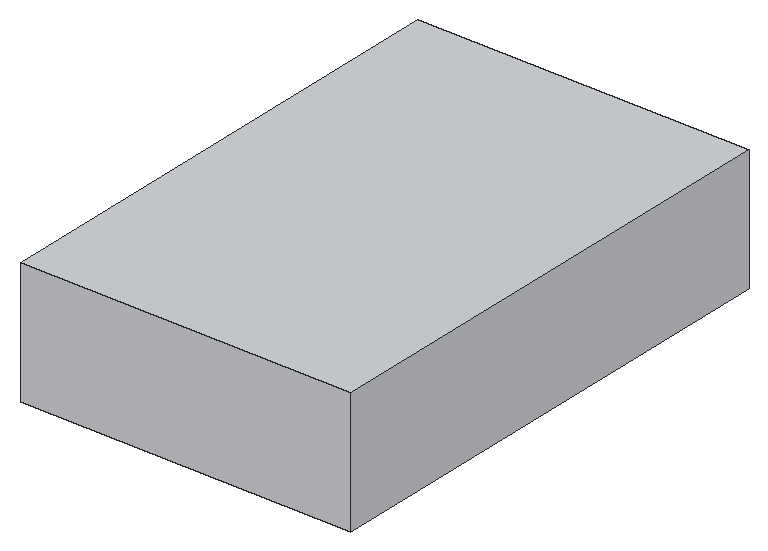
Revit family "SFND_Footing Rectangular", category Structural Foundations, Revit 2024
Family settings
  Material for Model Behavior = Concrete
  Cap = No
  Work Plane-Based = No
  Always vertical = Yes
  Cut with Voids When Loaded = No
  Shared = No
  Show family pre-cut in plan views = Yes
Parameters (values of type "1800 x 1200 x 450mm")
  Width = 1200 mm
  Structural Material [instance] = none
  Length = 1800 mm
  EA_Repath [instance] = 0 mm
  Assembly Code = ""
  Thickness = 450 mm
Types (2, lengths in mm): name | Width | Length
  1800 x 1200 x 450mm | 1200 | 1800
  2400 x 1800 x 450mm | 1800 | 2400
Reference planes
  plane 1 "Center (Front/Back)": y = 0
  plane 2: z = 0
  plane 3 "Center (Left/Right)": x = 0
  plane 4: x = -600
  plane 5: x = 600
  plane 6: y = 900
  plane 7: y = -900
Forms (mm)
  Extrusion 1, solid, material <- "Structural Material"
    sketch origin (0, 0, 0) x (1, 0, 0) y (0, 1, 0)
      loop
        line (-600, 900) -> (-600, -900) -> (600, -900) -> (600, 900) -> (-600, 900)
    from -450 to 0
Dimensions and locks
  "Thickness": plane 2 to Extrusion 1
  "Width": plane 4 to plane 5
  "Length": plane 6 to plane 7
  equal spacing: plane 6, plane 1 "Center (Front/Back)", plane 7
  equal spacing: plane 4, plane 3 "Center (Left/Right)", plane 5
  aligned and locked: plane 4 to Extrusion 1 sketch curve
  aligned and locked: Extrusion 1 sketch curve to plane 5
  aligned and locked: Extrusion 1 sketch curve to plane 6
  aligned and locked: plane 7 to Extrusion 1 sketch curve
  aligned and locked: level to Extrusion 1
